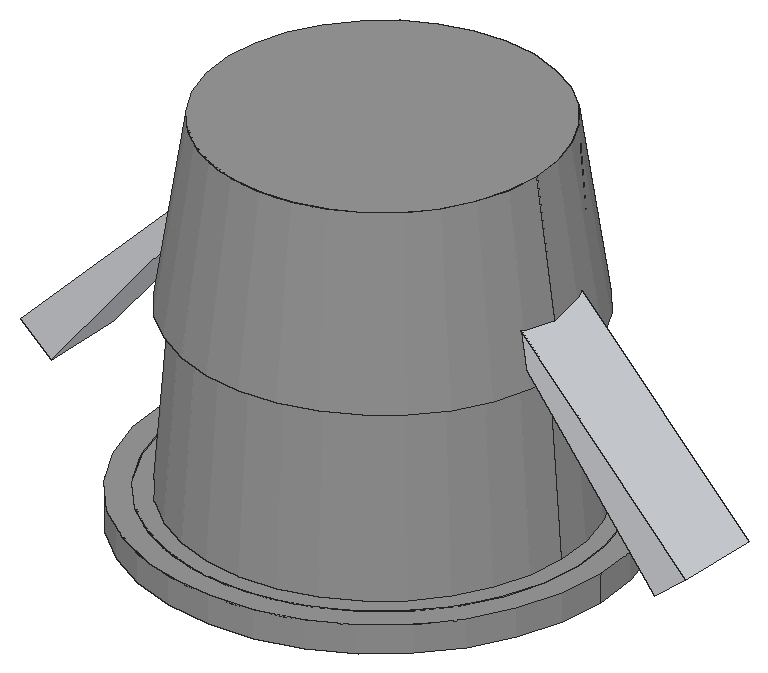
Revit family "KEPLER-DOWN_LIGHT_LED_6W_O85+connect_19_3000K", category Lighting Fixtures, host Ceiling, Revit 2021
Family settings
  Host = Ceiling
  Round Connector Dimension = Use Diameter
  Part Type = Normal
  OmniClass Number = 23.80.70.11
  OmniClass Title = Luminaries for Internal Lighting
  Always vertical = Yes
  Cut with Voids When Loaded = No
  Light Source = Yes
  Shared = No
  Room Calculation Point = No
Parameters
  Wattage = 3.23141 W
  built-in parameter 1150110 = 1 (stored number, unit not read)
  URL = "https://www.lucera.fr/"
  built-in parameter 1114217 = 1 (stored number, unit not read)
  Tilt Angle = 90.00°
  built-in parameter 1150109 = 1 (stored number, unit not read)
  built-in parameter 1150134 = (empty or 0)
  built-in parameter 1150113 = 1 (stored number, unit not read)
  SDCM = "3"
  Puissance nominale = "6W"
  Photometric Web File = "google_eulumdat_converter.ies"
  Matériau = "Aluminium"
  Manufacturer = "Lucera - Lucera (c) 06/01/2021 16:39:48 +01:00"  # constant formula
  Maintien du flux = "L80B10 (50 000 heures)"
  Lumens = 480 lm
  built-in parameter 1150115 = 1 (stored number, unit not read)
  built-in parameter 1150105 = 38.197 (stored number, unit not read)
  built-in parameter 1150137 = (empty or 0)
  built-in parameter 1150139 = (empty or 0)
  built-in parameter 1150112 = 1 (stored number, unit not read)
  built-in parameter 1150114 = 1 (stored number, unit not read)
  Lamp = "LED TYF-COB Bridgelux 2630"
  built-in parameter 1150132 = 2
  built-in parameter 1150102 = (empty or 0)
  built-in parameter 1150138 = (empty or 0)
  built-in parameter 1150107 = 3000 (stored number, unit not read)
  built-in parameter 1150106 = 0.38197 (stored number, unit not read)
  IRC = ">90"
  built-in parameter 1150104 = 13.8 (stored number, unit not read)
  Durée de vie = "50 000 heures"
  Driver = "Driver Lifud TUV CE CCC"
  Dimming Lamp Color Temperature Shift = <None>
  Dimensions = "Ø 85 mm, H = 70 mm"
  Dimension découpe = "Ø 75-80 mm"
  Default Elevation = 0.00 mm
  Couleur = "Blanc"
  Color Filter = 16777215
  built-in parameter 1114218 = 1 (stored number, unit not read)
  built-in parameter 1150133 = 10 (stored number, unit not read)
  Angle d'éclairage = "38°"
  Alimentation luminaire = "25-42V dc / 135mA"
  Alimentation Driver = "AC 220-240V"
Reference planes
  plane 1 "Light Source Axis (F/B)": y = 0
  plane 2 "Ceiling": z = 2438.4
  plane 3 "Light Source Axis (L/R)": x = 0
  plane 4 "Light Source Elevation": z = 2427.273
Forms (mm)
  Extrusion 1, solid, material "Aluminum, Blanc"
    sketch origin (0, 0, 2427.273) x (0, -1, 0) y (1, 0, 0)
      loop
        circle (0, 0) r 42.5
      loop
        circle (0, 0) r 38.229
    from 6.127 to 11.127
  Blend 2, solid, material "Aluminum, Blanc"
    base sketch origin (0, 0, 2427.273) x (0, -1, 0) y (1, 0, 0)
      loop
        circle (0, 0) r 35
    top sketch origin (0, 0, 2427.273) x (0, -1, 0) y (1, 0, 0)
      loop
        circle (0, 0) r 30
    from 11.127 to 76.127
  Extrusion 3, solid
    sketch origin (0, 0, 0) x (1, 0, 0) y (0, 0, 1)
      loop
        line (-32.116, 2481.263) -> (-64.929, 2448.45) -> (-58.78, 2443.471) -> (-32.116, 2476.398) -> (-32.116, 2481.263)
    from -7.978 to 7.172
  Extrusion 4, solid
    sketch origin (0, 0, 0) x (-1, 0, 0) y (0, 0, -1)
      loop
        line (-32.116, -2481.263) -> (-32.116, -2476.398) -> (-58.78, -2443.471) -> (-64.929, -2448.45) -> (-32.116, -2481.263)
    from -7.978 to 7.172
  Blend 5, solid, material "Aluminum, Gris"
    base sketch origin (0.011, 0, 2427.273) x (0, -1, 0) y (1, 0, 0)
      loop
        circle (0, 0) r 35
    top sketch origin (0.011, 0, 2427.273) x (0, -1, 0) y (1, 0, 0)
      loop
        circle (0, 0) r 30
    from 43.535 to 76.127
  Extrusion 6, solid, material "Glass, White, High Luminance"
    sketch origin (0, 0, 2427.273) x (0, -1, 0) y (1, 0, 0)
      loop
        circle (0, 0) r 38.229
    from 6.127 to 11.127
Lines and regions (mm)
  reference lines
    curve 1: line (0, 0, 2427.273) -> (42.5, 0, 2427.273)
    curve 2: line (0, 0, 2433.4) -> (0, 0, 2503.4)
Dimensions and locks
  equal spacing: host sketch curve, plane 3 "Light Source Axis (L/R)", host sketch curve
  equal spacing: host sketch curve, plane 1 "Light Source Axis (F/B)", host sketch curve
  host sketch curve to host sketch curve = 3048.00 mm  (x2)
  aligned and locked: plane 1 "Light Source Axis (F/B)" to imposter light
  aligned and locked: plane 4 "Light Source Elevation" to imposter light
